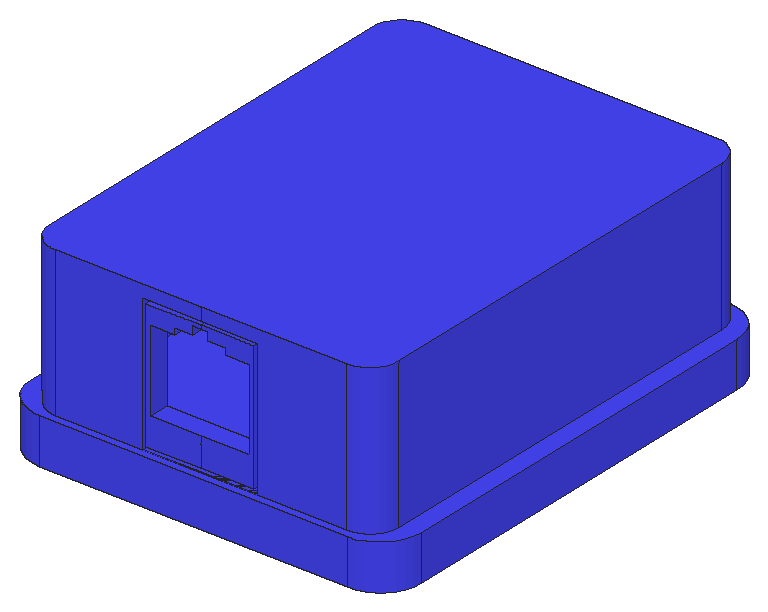
Revit family "ITK_Розетка информационная GENERICA_Настенная_1 порт_IP20", category Обобщенные модели, Revit 2019
Family settings
  Может служить основой для арматурных стержней = Нет
  Размер круглого соединителя = Использовать диаметр
  Тип детали = Нормальный
  На основе рабочей плоскости = Нет
  Всегда вертикально = Да
  При загрузке вырезать с полостями = Нет
  Общий = Нет
  Точка расчета площади = Нет
Parameters (values of type "Категория 5E_FTP")
  Ширина = 47.3 mm
  Степень защиты = "IP20"  # constant formula
  Материал = Пластик белый
  Изготовитель = "ITK"  # constant formula
  Дата изменения = ""
  Глубина = 58 mm
  Высота = 23.5 mm
  URL = "https://www.iek.ru/"
  KSI_CPr_Строительные изделия = ""
  KSI_CMa_Строительные материалы = "01.7.14.03"  # constant formula
  IEK_Цена за единицу = 165.1
  IEK_Поиск в таблице имен = ""
  IEK_Описание = "Используется для подключения оконечного оборудования пользователей на рабочих местах к информационной сети."
  IEK_URL = "https://generica.su/catalog/?page=detail&article=CS2-1C5EF-12-G"
  ADSK_Примечание = ""
  ADSK_Позиция [instance] = ""
  ADSK_Наименование = "Розетка инф. настенная RJ45 кат. 5Е FTP 1 порт GENERICA"
  ADSK_Материал обозначение = ""
  ADSK_Материал наименование = "АБС-пластик"  # constant formula
  ADSK_Масса = 0
  ADSK_Марка = ""  # constant formula
  ADSK_Код изделия = "CS2-1C5EF-12-G"
  ADSK_Завод-изготовитель = "IEK"  # constant formula
  ADSK_Единица измерения = "шт"  # constant formula
  ADSK_Группирование = "I. ЩИТЫ И ПУЛЬТЫ"  # constant formula
  ADSK_Версия семейства = "1.0"  # constant formula
  ADSK_Версия Revit = "2019"  # constant formula
  ADSK_URL страницы изделия = "https://generica.su/catalog/?page=section&id=4935"
Types (2, lengths in mm): name | IEK_Цена за единицу | IEK_URL | ADSK_Наименование | ADSK_Код изделия
  Категория 5E_UTP | 128.94 | "https://generica.su/catalog/?page=detail&article=CS2-3C03U-12-G" | "Розетка инф. настенная RJ45 кат. 5Е UTP 1 порт GENERICA" | "CS2-1C5EU-12-G"
  Категория 5E_FTP | 165.1 | "https://generica.su/catalog/?page=detail&article=CS2-1C5EF-12-G" | "Розетка инф. настенная RJ45 кат. 5Е FTP 1 порт GENERICA" | "CS2-1C5EF-12-G"
Reference planes
  plane 1 "По центру (Вперед/Назад)": y = -5.683
  plane 2: z = 0
  plane 3 "По центру (Влево/Вправо)": x = 0
  plane 4: y = 23.317
  plane 5: y = -34.683
  plane 6: x = -23.65
  plane 7: x = 23.65
  plane 8: z = 23.5
Forms (mm)
  Extrusion 1, solid, material "Пластик белый", detail levels fine
    sketch origin (0, 0, 0) x (1, 0, 0) y (0, 1, 0)
      loop
        line (-23.65, 18.119) -> (-23.65, -29.683)
        arc (-23.65, -29.683) -> (-22.186, -33.219) -> (-18.65, -34.683) r 5
        line (-18.65, -34.683) -> (18.65, -34.683)
        arc (18.65, -34.683) -> (22.186, -33.219) -> (23.65, -29.683) r 5
        line (23.65, -29.683) -> (23.65, 18.119)
        arc (23.65, 18.119) -> (22.186, 21.655) -> (18.65, 23.119) r 5
        line (18.65, 23.119) -> (-18.65, 23.119)
        arc (-18.65, 23.119) -> (-22.186, 21.655) -> (-23.65, 18.119) r 5
    from 5.5 to 0
  Extrusion 2, solid, material "Пластик белый", detail levels fine
    sketch origin (0, 0, 0) x (1, 0, 0) y (0, 1, 0)
      loop
        arc (-21.016, -30.154) -> (-19.983, -32.65) -> (-17.488, -33.683) r 3.529
        line (-17.488, -33.683) -> (0.005, -33.683) -> (17.752, -33.683)
        arc (17.752, -33.683) -> (20.247, -32.65) -> (21.28, -30.154) r 3.529
        line (21.28, -30.154) -> (21.28, 18.788)
        arc (21.28, 18.788) -> (20.247, 21.283) -> (17.752, 22.317) r 3.529
        line (17.752, 22.317) -> (-17.488, 22.317)
        arc (-17.488, 22.317) -> (-19.983, 21.283) -> (-21.016, 18.788) r 3.529
        line (-21.016, 18.788) -> (-21.016, -30.154)
    from 2 to 23.5
  Extrusion 3, void
    sketch origin (0, -5.683, 0) x (1, 0, 0) y (0, 0, 1)
      loop
        line (0, 21.092) -> (-0.93, 21.092) -> (-0.93, 20.124) -> (-3.136, 20.124) -> (-3.136, 19.075) -> (-5.691, 19.075) -> (-5.691, 9.742) -> (0, 9.742) -> (5.691, 9.742) -> (5.691, 19.075) -> (3.136, 19.075) -> (3.136, 20.124) -> (0.93, 20.124) -> (0.93, 21.092) -> (0, 21.092)
    from 2 to 31.3
  Extrusion 4, solid, material "Условный материал-отделка", detail levels coarse+medium
    sketch origin (0, 0, 0) x (1, 0, 0) y (0, 1, 0)
      loop
        line (-23.65, 23.317) -> (-23.65, -34.683) -> (23.65, -34.683) -> (23.65, 23.317) -> (-23.65, 23.317)
    from 0 to 25.5
  Extrusion 5, void
    sketch origin (0, -5.683, 0) x (1, 0, 0) y (0, 0, 1)
      loop
        line (6.05, 19.35) -> (-6.05, 19.35) -> (-6.05, 9.5) -> (6.05, 9.5) -> (6.05, 19.35)
    from 0 to 31.3
  Extrusion 6, void
    sketch origin (0, -5.683, 0) x (1, 0, 0) y (0, 0, 1)
      loop
        line (0, 5.5) -> (3.013, 5.5) -> (3.013, 13.474)
        arc (3.013, 13.474) -> (0, 16.486) -> (-3.013, 13.474) r 3.013
        line (-3.013, 13.474) -> (-3.013, 5.5) -> (0, 5.5)
    from 0 to -28
  Extrusion 7, void
    sketch origin (0, -5.683, 0) x (1, 0, 0) y (0, 0, 1)
      loop
        line (-7.018, 21.944) -> (-7.018, 5.5) -> (7.018, 5.5) -> (7.018, 21.944) -> (-7.018, 21.944)
      loop
        line (-6.547, 21.549) -> (-6.547, 5.95) -> (0, 5.95) -> (6.547, 5.95) -> (6.547, 21.549) -> (0, 21.549) -> (-6.547, 21.549)
    from 26.462 to 29
  Extrusion 8, void
    sketch origin (0, 0, 0) x (0, 1, 0) y (0, 0, 1)
      loop
        line (20.947, 21.695) -> (-31.243, 21.695) -> (-31.243, 4.127) -> (20.947, 4.127) -> (20.947, 21.695)
    from -20.355 to 20
Cuts and joins
  Extrusion 3, Extrusion 5, Extrusion 6, Extrusion 7, Extrusion 8 cuts Extrusion 2
  Extrusion 7, Extrusion 8 cuts Extrusion 1
Dimensions and locks
  equal spacing: plane 4, plane 1 "По центру (Вперед/Назад)", plane 5
  plane 6 to plane 3 "По центру (Влево/Вправо)" to plane 7 = 23.65 mm, 23.65 mm
  "Ширина": plane 6 to plane 7
  "Высота": plane 8 to level
  "Глубина": plane 4 to plane 5
  aligned and locked: level to plane 2
  aligned and locked: Extrusion 1 to plane 5
  aligned and locked: Extrusion 1 to plane 6
  aligned and locked: Extrusion 7 to plane 5
Automatic sketch dimensions
  Extrusion 1 sketch curve to plane 5 = 0 mm
  Extrusion 1 sketch curve to plane 4 = 5.197 mm  (x2)
  Extrusion 1 sketch curve to plane 3 "По центру (Влево/Вправо)" = 23.65 mm
  Extrusion 1 sketch curve to plane 4 = 0.197 mm
  Extrusion 1 sketch curve to Extrusion 1 sketch curve = 5 mm
  plane 3 "По центру (Влево/Вправо)" to Extrusion 1 sketch curve = 18.65 mm  (x2)
  Extrusion 2 sketch curve to Extrusion 2 sketch curve = 3.529 mm  (x4)
  plane 3 "По центру (Влево/Вправо)" to Extrusion 2 sketch curve = 0.005 mm
  plane 5 to Extrusion 2 sketch curve = 4.529 mm
  level to Extrusion 3 sketch curve = 9.742 mm
  Extrusion 3 sketch curve to plane 3 "По центру (Влево/Вправо)" = 5.691 mm
  Extrusion 3 sketch curve to Extrusion 3 sketch curve = 2.555 mm
  Extrusion 3 sketch curve to Extrusion 3 sketch curve = 2.205 mm  (x2)
  Extrusion 3 sketch curve to Extrusion 3 sketch curve = 0.93 mm  (x2)
  Extrusion 3 sketch curve to Extrusion 3 sketch curve = 5.691 mm  (x2)
  Extrusion 3 sketch curve to Extrusion 3 sketch curve = 9.333 mm
  Extrusion 3 sketch curve to Extrusion 3 sketch curve = 0 mm
  Extrusion 3 sketch curve to Extrusion 3 sketch curve = 1.049 mm  (x2)
  Extrusion 3 sketch curve to Extrusion 3 sketch curve = 0.968 mm
  plane 6 to Extrusion 2 sketch curve = 6.162 mm
  Extrusion 2 sketch curve to plane 7 = 5.898 mm
  Extrusion 2 sketch curve to plane 4 = 4.529 mm
  Extrusion 4 sketch curve to plane 5 = 0 mm
  Extrusion 4 sketch curve to plane 6 = 0 mm
  Extrusion 4 sketch curve to plane 7 = 0 mm
  Extrusion 4 sketch curve to plane 4 = 0 mm
  Extrusion 5 sketch curve to plane 3 "По центру (Влево/Вправо)" = 6.05 mm
  plane 3 "По центру (Влево/Вправо)" to Extrusion 5 sketch curve = 6.05 mm
  level to Extrusion 5 sketch curve = 9.5 mm
  plane 8 to Extrusion 5 sketch curve = 4.15 mm
  Extrusion 6 sketch curve to plane 3 "По центру (Влево/Вправо)" = 0 mm  (x2)
  plane 3 "По центру (Влево/Вправо)" to Extrusion 6 sketch curve = 3.013 mm
  level to Extrusion 6 sketch curve = 5.5 mm
  Extrusion 6 sketch curve to Extrusion 6 sketch curve = 7.974 mm
  Extrusion 7 sketch curve to plane 3 "По центру (Влево/Вправо)" = 0 mm  (x2)
  plane 8 to Extrusion 7 sketch curve = 1.951 mm
  Extrusion 7 sketch curve to plane 3 "По центру (Влево/Вправо)" = 6.547 mm
  Extrusion 7 sketch curve to Extrusion 7 sketch curve = 0.47 mm  (x2)
  plane 3 "По центру (Влево/Вправо)" to Extrusion 7 sketch curve = 6.547 mm
  level to Extrusion 7 sketch curve = 5.95 mm
  Extrusion 7 sketch curve to Extrusion 7 sketch curve = 0.45 mm
  Extrusion 7 sketch curve to Extrusion 7 sketch curve = 0.395 mm
  plane 5 to Extrusion 8 sketch curve = 3.44 mm
  Extrusion 8 sketch curve to plane 4 = 2.37 mm
  level to Extrusion 8 sketch curve = 4.127 mm
  plane 8 to Extrusion 8 sketch curve = 1.805 mm
